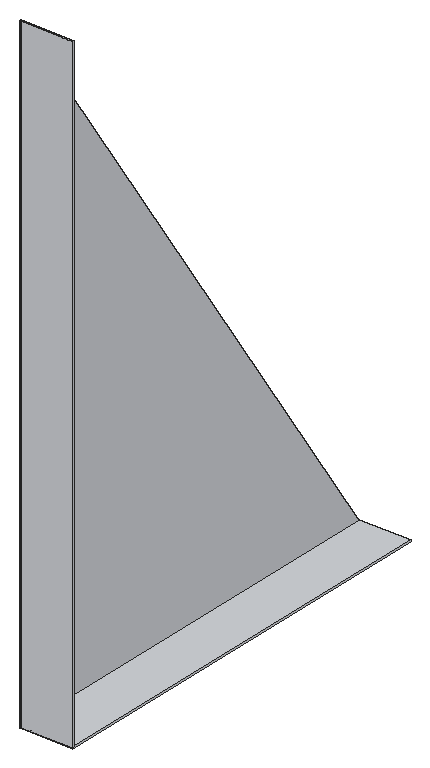
Revit family "bracket_triangle", category Generic Models, host Face, Revit 2024
Family settings
  Host = Face
  Can host rebar = No
  Round Connector Dimension = Use Diameter
  Part Type = Normal
  Cut with Voids When Loaded = No
  Maintain Annotation Orientation = No
  Shared = No
  Room Calculation Point = No
Parameters
  Width [instance] = 2' - 0"
  Thickness [instance] = 0' - 0 1/16"
  Heigth [instance] = 3' - 0"
  FlangeLenth [instance] = 0' - 3"
  Default Elevation = 4' - 0"
Reference planes (in)
  plane 1 "Center (Front/Back)": y = 0
  plane 2: z = 0
  plane 3 "Center (Left/Right)": x = 0
  plane 4: z = 36
  plane 5: y = 12
  plane 6: y = -12
  plane 7: x = 3
  plane 8: x = 3
  plane 9: x = -4.24863
  plane 10: x = 7.75
Forms (in)
  Extrusion 1, solid
    sketch origin (0, 0, 0) x (1, 0, 0) y (0, 1, 0)
      loop
        line (0.03125, 12) -> (0.03125, -12) -> (3, -12) -> (3, 12) -> (0.03125, 12)
    from 0 to 0.0625 <- "Thickness"
  Extrusion 2, solid
    sketch origin (-9.32947, -12, 48) x (-1, 0, 0) y (0, 0, 1)
      loop
        line (-12.32947, -12) -> (-12.32947, -48) -> (-9.32947, -48) -> (-9.32947, -12) -> (-12.32947, -12)
    from 0 to 0.0625 <- "Thickness"
Dimensions and locks (in)
  "Heigth": plane 4 to host face
  equal spacing: plane 5, plane 1 "Center (Front/Back)", plane 6
  "Width": plane 5 to plane 6
  "FlangeLenth": plane 3 "Center (Left/Right)" to plane 7
  "FlangeLenth": plane 3 "Center (Left/Right)" to plane 8
  aligned and locked: plane 2 to host face
  aligned and locked: level to host face
  aligned and locked: plane 3 "Center (Left/Right)" to nested 1
  aligned and locked: plane 1 "Center (Front/Back)" to nested 1
  aligned and locked: Extrusion 1 sketch curve to nested 1  (x2)
  aligned and locked: plane 6 to Extrusion 1 sketch curve
  aligned and locked: Extrusion 1 sketch curve to plane 7
  aligned and locked: Extrusion 2 sketch curve to plane 4
  aligned and locked: host face to Extrusion 2 sketch curve
  aligned and locked: plane 3 "Center (Left/Right)" to Extrusion 2 sketch curve
Automatic sketch dimensions
  host sketch curve to host sketch curve = 8' - 0"  (x2)
  plane 8 to Extrusion 2 sketch curve = 0' - 0"
Nested families (in)
  nested 1: "sm_triangle" at (0, 0, 0), length <- "Heigth", width <- "Width", thickness <- "Thickness", type "sm_triangle"
    with width 2' - 0", thickness 0' - 0 1/16", length 3' - 0"
Definition of nested family "sm_triangle"
  Parameters (values of type "sm_triangle")
    width [instance] = 1' - 0"
    thickness [instance] = 0' - 0 1/16"
    material = none
    length [instance] = 3' - 0"
    Default Elevation = 4' - 0"
  Reference planes (in)
    plane 1 "Center (Front/Back)": y = 0
    plane 2: z = 0
    plane 3 "Center (Left/Right)": x = 0
    plane 4: y = 6
    plane 5: z = 36
    plane 6: y = -6
    plane 7: x = -0.03125
    plane 8: x = 0.03125
  Forms (in)
    Extrusion 1, solid
      sketch origin (0, 0, 0) x (1, 0, 0) y (0, 1, 0)
        loop
          line (-48, 48) -> (-48, -48) -> (48, -48) -> (48, 48) -> (-48, 48)
      from 0 to -12
    Extrusion 2, solid
      sketch origin (-0.03125, 4.47618, 48) x (0, 1, 0) y (0, 0, 1)
        loop
          line (1.52382, -48) -> (-10.47618, -12) -> (-10.47618, -48) -> (1.52382, -48)
      from 0 to 0.0625 <- "thickness"
  Dimensions and locks (in)
    equal spacing: plane 4, plane 1 "Center (Front/Back)", plane 6  (x2)
    "length": plane 5 to Extrusion 1
    "thickness": plane 7 to plane 8
    equal spacing: plane 7, plane 3 "Center (Left/Right)", plane 8
    plane 6 to plane 4 = 1' - 0"
    "width": plane 4 to plane 6
    aligned and locked: plane 2 to Extrusion 1
    aligned and locked: level to Extrusion 1
    aligned and locked: Extrusion 2 sketch curve to plane 6
    aligned and locked: Extrusion 1 to Extrusion 2 sketch curve
    aligned and locked: plane 5 to Extrusion 2 sketch curve
  Automatic sketch dimensions
    Extrusion 1 sketch curve to Extrusion 1 sketch curve = 8' - 0"  (x2)
    Extrusion 2 sketch curve to plane 4 = 0' - 0"
